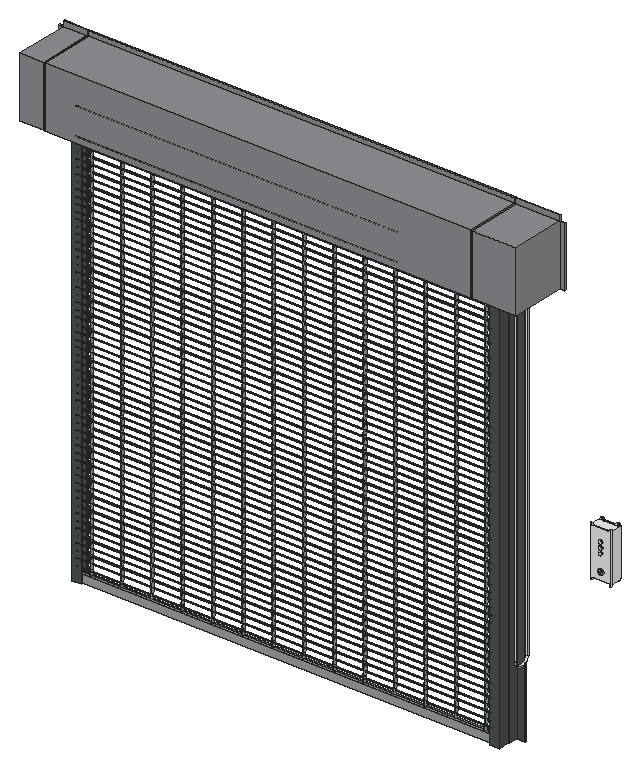
Revit family "EverServe-Springless-Security-Grilles_OHD_Model-671S_compact", category Specialty Equipment, host Wall, Revit 2023
Family settings
  Host = Wall
  Round Connector Dimension = Use Diameter
  Part Type = Normal
  OmniClass Number = 23.30.10.21.34
  OmniClass Title = Industrial Doors
  Enable Cutting in Views = No
  Always vertical = Yes
  Cut with Voids When Loaded = Yes
  Maintain Annotation Orientation = No
  Shared = No
  Room Calculation Point = No
Parameters (values of type "208 volts, one phase, 60 Hz (208-240V range)")
  Warning Sign [instance] = if(Calculated Area > 683.00 SF, 1 = 1, 1 = 2)  # no
  Warning (Note) [instance] = if(Warning Sign, "The Door Area is out of the limit; please adjust accordingly. The maximum allowed area is 683 sq. ft.", if(Opening Height > 360", "Headroom Clearance Dimensions - out of the limits. Consult Factory", " "))  # " "
  Wall Thickness [instance] = 6"
  Voltage = 208 V
  Version = "1.00.01"  # constant formula
  True Opening Width [instance] = Clear Width  # 120"
  True Opening Height [instance] = Clear Height  # 120"
  Default Elevation = 0"
  Date Updated = "2026/05/29"  # constant formula
  Curtain Option [instance] = 1
  Slat Length [instance] = Clear Width + G Value * 2 - 1" / 2 * 2  # 126"
  Slat Height [instance] = 8"  # constant formula
  Curtain Option Real [instance] = if(Curtain Option < 2, 1, 2)  # 1
  Product Page URL = "https://www.overheaddoor.com/springless-security-grilles-671s"
  Power Factor = 1
  Powder Coat (Note) = "PowderGuard® Premium powder coat finish options are available in approximately 200 colors as well as custom matching to specification. PowderGuard® Textured finish, a thicker, more scratch resistant coat, is available in 11 colors providing enhanced scratch resistance as well as aiding in hiding the dirt and blemishes that often occur in commercial environments.​"  # constant formula
  Opening Width Real [instance] = if(Opening Width > Max Opening Width, Max Opening Width, if(Opening Width < Min Opening Width, Min Opening Width, Opening Width))  # 120"
  Opening Width [instance] = 120"
  Opening Height Real [instance] = if(Opening Height > Max Opening Height, Max Opening Height, if(Opening Height < Min Opening Height, Min Opening Height, Opening Height))  # 120"
  Opening Height [instance] = 120"
  One Array element [instance] = not(Array Vis)  # no
  Number of Poles = 1
  Motor Position [instance] = M Value - G Value  # 2 3/4"
  Min Opening Width [instance] = 18"  # constant formula
  Min Opening Height [instance] = 24"  # constant formula
  Max Opening Width [instance] = 360"  # constant formula
  Max Opening Height [instance] = 172"  # constant formula
  M Value [instance] = if(or(Opening Width < 108", Opening Width = 108"), 5 3/4", if(or(Opening Width < 180", Opening Width = 180"), 6 1/4", if(or(Opening Width < 240", Opening Width = 240"), 7 1/4", 9 1/4")))  # 6 1/4"
  Installation Real [instance] = Wall Thickness  # 6"
  Hood Type [instance] = "Square Hood"  # constant formula
  Hood Offset [instance] = 4"  # constant formula
  Hood Material [instance] = Metal - Overhead Door - Gray
  Hood Height [instance] = A Value + 2"  # 18"
  Headroom Height Real [instance] = Hood Offset + Hood Height  # 22"
  Headroom Height [instance] = Headroom Height Real + 1 1/2"  # 23 1/2"
  Guide Type [instance] = "Angled Z Guide"  # constant formula
  Guid Depth [instance] = D Value  # 6 1/4"
  G Value [instance] = if(or(Opening Width < 108", Opening Width = 108"), 3", if(or(Opening Width < 180", Opening Width = 180"), 3 1/2", if(or(Opening Width < 240", Opening Width = 240"), 4", 5 9/16")))  # 3 1/2"
  Frequency = 60 Hz
  Face of Wall Offset [instance] = 5"  # constant formula
  Door Width True [instance] = Clear Width + M Value * 2  # 132 1/2"
  Door Width (Real) [instance] = Clear Width + 1"  # 121"
  Door Height True [instance] = Clear Width + Headroom Height  # 143 1/2"
  Door Height (Real) [instance] = Clear Height + Hood Offset  # 124"
  URL = "https://www.overheaddoor.com/"
  Product data url = "https://www.bimobject.com/overhead-door/product/springless-security-grilles-671s"
  Product Guid = "0afe8b5e-bed1-4084-885f-62fec23f1598"
  Model = "671S"  # constant formula
  Manufacturer = "Overhead Door Corporation"  # constant formula
  Wall Closure = By host
  Floor To (CL) of Shaft [instance] = Clear Height + Hood Height / 2 + Hood Offset  # 133"
  Finish Material = Finish - Overhead Door - Black
  Description = "Everserve Model 671S Springless Grille"  # constant formula
  D Value [instance] = if(or(Opening Width < 108", Opening Width = 108"), 5 11/16", if(or(Opening Width < 180", Opening Width = 180"), 6 1/4", if(or(Opening Width < 240", Opening Width = 240"), 6 3/16", 7 1/16")))  # 6 1/4"
  Curtain Type [instance] = if(Curtain Option < 2, "Lattice", "Brick")  # "Lattice"
  Curtain Material Type [instance] = 671S : Aluminum
  Curtain Material 2 [instance] = 671S : Stainless Steel
  Curtain Material 1 [instance] = 671S : Aluminum
  Clear Width [instance] = Opening Width Real  # 120"
  Clear Height [instance] = Opening Height Real  # 120"
  Current = 20 A
  Bottom Bar Selection [instance] = if(Curtain Material Type = Curtain Material 1, 1, 2)  # 1
  BimObject_Variable_Connectors = "No"  # constant formula
  Backroom Depth [instance] = A Value + 1/2"  # 16 1/2"
  BJ Displacement Real [instance] = 0"  # constant formula
  Array Vis [instance] = if(Array < 2, 1 = 2, 1 = 1)  # yes
  Array Real [instance] = if(Array < 2, 2, Array)  # 16
  Array Length [instance] = (Array) * Slat Height  # 128"
  Array [instance] = rounddown(([Door Height (Real)] - 3") / Slat Height) + 1  # 16
  Calculated Area [instance] = [Door Width (Real)] * [Door Height (Real)]  # 104.194 SF
  Apparent Load Phase 3 = if(Number of Poles = 1, 0 VA, (Voltage * Current * sqrt(3)) / 3)  # 0 VA
  Apparent Load Phase 2 = if(Number of Poles = 1, 0 VA, (Voltage * Current * sqrt(3)) / 3)  # 0 VA
  Apparent Load Phase 1 = if(Number of Poles = 1, Voltage * Current, (Voltage * Current * sqrt(3)) / 3)  # 4160 VA
  A Value [instance] = if(or(Clear Height < 72", Clear Height = 72"), 14", if(or(Clear Height < 120", Clear Height = 120"), 16", 18"))  # 16"
Reference planes (in)
  plane 1 "Center (Front/Back)": y = -14.625
  plane 2 "Center (Left/Right)": x = 0
  plane 3 "Left": x = -60
  plane 4 "Right": x = 60
  plane 5 "Exterior": y = -8.625
  plane 6 "Interior": y = -14.625
  plane 7: x = 66.25
  plane 8: x = -66.25
  plane 9: z = 120
  plane 10 "Main": y = -20.125
  plane 11 "Backroom Depth": y = -32.125
  plane 12 "Main Door Block": y = -15.625
  plane 13 "Bottom Bar": z = 2.75
  plane 14: y = -20.875
  plane 15: z = 130.75
  plane 16: z = 142
  plane 17: z = 124
  plane 18: z = 143.5
  plane 19: z = 0
  plane 20: z = 60
  plane 21: y = -20.03125
  plane 22: y = 18.375
  plane 23: y = -41.625
  plane 24 "Headroom Top": z = 143.5
  plane 25: z = 133
  plane 26: x = 63.5
  plane 27: x = -63.5
  plane 28: z = 122.75
  plane 29: z = 2.75
  plane 30: y = -20.125
  plane 31: z = 122.75
  plane 32: y = -20.125
  plane 33: z = 10.75
  plane 34: y = -20.125
  plane 35: z = 18.75
  plane 36: y = -20.125
  plane 37: z = 26.75
  plane 38: y = -20.125
  plane 39: z = 34.75
  plane 40: y = -20.125
  plane 41: z = 42.75
  plane 42: y = -20.125
  plane 43: z = 50.75
  plane 44: y = -20.125
  plane 45: z = 58.75
  plane 46: y = -20.125
  plane 47: z = 66.75
  plane 48: y = -20.125
  plane 49: z = 74.75
  plane 50: y = -20.125
  plane 51: z = 82.75
  plane 52: y = -20.125
  plane 53: z = 90.75
  plane 54: y = -20.125
  plane 55: z = 98.75
  plane 56: y = -20.125
  plane 57: z = 106.75
  plane 58: y = -20.125
  plane 59: z = 114.75
  plane 60: y = -20.125
Forms (in)
  Extrusion 1, void
    sketch origin (0, -15.625, 0) x (0, 0, -1) y (-1, 0, 0)
      loop
        line (-120, 60) -> (-120, -60) -> (0, -60) -> (0, 60) -> (-120, 60)
    from 1 to 7
Text (in)
  text "Exterior" at (-74.96733, 27.31104, 0), in view "Ref. Level"
  text "Interior" at (-74.96733, -25.14366, 0), in view "Ref. Level"
  text "Exterior" at (0, 40.15149, 123.01588), in view "Right"
  text "Interior" at (0, -64.39139, 123.01588), in view "Right"
  text "Interior" at (0, -31.01599, 123.00693), in view "Left"
  text "Exterior" at (0, 54.57065, 123.00693), in view "Left"
Dimensions and locks (in)
  equal spacing: plane 3 "Left", plane 2 "Center (Left/Right)", plane 4 "Right"
  "Clear Width": plane 3 "Left" to plane 4 "Right"
  level to host wall = 459.59655"
  "Clear Height": level to plane 9
  plane 7 to plane 8 = 132 1/2"
  equal spacing: plane 7, plane 2 "Center (Left/Right)", plane 8
  locked: plane 13 "Bottom Bar" to level at 2.75
  "Door Width True": plane 7 to plane 8
  "Array Length": plane 15 to plane 13 "Bottom Bar"
  "Backroom Depth": plane 11 "Backroom Depth" to plane 12 "Main Door Block"
  "Hood Height": plane 16 to plane 17
  locked: plane 18 to plane 16 at 1.5
  "Installation Real": plane 1 "Center (Front/Back)" to plane 5 "Exterior"
  "Wall Thickness": host wall to host wall
  equal spacing: plane 9, plane 20, plane 19
  equal spacing: plane 22, host wall, plane 23
  locked: plane 22 to plane 23 at 60
  "Hood Offset": plane 17 to plane 9
  "Headroom Height": plane 24 "Headroom Top" to plane 9
  "Floor To (CL) of Shaft": plane 25 to level
  "Motor Position": plane 7 to plane 26
  "Motor Position": plane 27 to plane 8
  "Guid Depth": plane 14 to plane 1 "Center (Front/Back)"
  "Slat Height": plane 15 to plane 28
  equal spacing: group 2, group 16, group 15, group 14, group 13, group 12, group 11, group 10, group 9, group 8, group 7, group 6, group 5, group 4, group 3, group 1  (x2)
  equal spacing: group 1, group 3, group 4, group 5, group 6, group 7, group 8, group 9, group 10, group 11, group 12, group 13, group 14, group 15, group 16, group 2
  locked: plane 14 to plane 10 "Main" at 0.75
  locked: plane 14 to plane 21 at 0.84375
  aligned and locked: plane 5 "Exterior" to host wall
  aligned and locked: host wall to plane 6 "Interior"
  aligned and locked: level to Extrusion 1 sketch curve
  aligned and locked: Extrusion 1 to plane 5 "Exterior"
  aligned and locked: plane 6 "Interior" to Extrusion 1
  aligned and locked: nested 1 to plane 2 "Center (Left/Right)"
  aligned and locked: nested 1 to level
  aligned and locked: level to plane 19
  aligned and locked: nested 1 to plane 1 "Center (Front/Back)"
  aligned and locked: plane 2 "Center (Left/Right)" to nested 2
  aligned and locked: nested 2 to plane 22
  aligned and locked: plane 23 to nested 3
  aligned and locked: nested 3 to plane 2 "Center (Left/Right)"
  aligned and locked: nested 4 to plane 20
  aligned and locked: plane 2 "Center (Left/Right)" to nested 4
  aligned and locked: nested 4 to plane 21
  aligned and locked: plane 4 "Right" to Extrusion 1 sketch curve
  aligned and locked: plane 3 "Left" to Extrusion 1 sketch curve
  aligned and locked: Extrusion 1 sketch curve to plane 9
  aligned and locked: plane 13 "Bottom Bar" to plane 29
  aligned and locked: plane 30 to plane 10 "Main"
  aligned and locked: plane 32 to plane 10 "Main"
  aligned and locked: plane 28 to plane 31
Nested families (in)
  nested 1: "Lifts" at (0, -14.625, 0), type "Frame Unit"
    with Square Hood yes, Round Hood no, Right Motor Position yes, Octagon Hood no, No Hood no
  nested 2: "Label Annotation 1" at (0, 18.375, 0), visible <- "Warning Sign", type "Label Annotation 1"
  nested 3: "Label Annotation 1" at (0, -41.625, 0) x (-1, 0, 0) z (0, 0, 1), visible <- "Warning Sign", type "Label Annotation 1"
  nested 4: "Warning Sign" at (0, -20.03125, 60), visible <- "Warning Sign", type "Warning Sign"
    with Warning Sign no
  nested 5: "671S" at (0, -20.125, 2.75), type <- "Curtain Material Type", Opening Width <- "Slat Length", Slat Option <- "Curtain Option Real", type "Aluminum"
    with Step H 9", Slat Option 1, SetBack 2", Second Rod Position 1.38", Overall Height 8.38", Opening Width 126", Lattice yes, First Rod Position 1", Brick End yes, Brick no, Array Visibility yes, Array Real 13, Array Length 117.16", Array 13, 1 Element Visibility no
  nested 6: "671S" at (0, -20.125, 122.75), type <- "Curtain Material Type", Opening Width <- "Slat Length", Slat Option <- "Curtain Option Real", type "Aluminum"
    with Step H 9", Slat Option 1, SetBack 2", Second Rod Position 1.38", Overall Height 8.38", Opening Width 126", Lattice yes, First Rod Position 1", Brick End yes, Brick no, Array Visibility yes, Array Real 13, Array Length 117.16", Array 13, 1 Element Visibility no
  nested 7: "671S" at (0, -20.125, 10.75), type <- "Curtain Material Type", Opening Width <- "Slat Length", Slat Option <- "Curtain Option Real", type "Aluminum"
    with Step H 9", Slat Option 1, SetBack 2", Second Rod Position 1.38", Overall Height 8.38", Opening Width 126", Lattice yes, First Rod Position 1", Brick End yes, Brick no, Array Visibility yes, Array Real 13, Array Length 117.16", Array 13, 1 Element Visibility no
  nested 8: "671S" at (0, -20.125, 18.75), type <- "Curtain Material Type", Opening Width <- "Slat Length", Slat Option <- "Curtain Option Real", type "Aluminum"
    with Step H 9", Slat Option 1, SetBack 2", Second Rod Position 1.38", Overall Height 8.38", Opening Width 126", Lattice yes, First Rod Position 1", Brick End yes, Brick no, Array Visibility yes, Array Real 13, Array Length 117.16", Array 13, 1 Element Visibility no
  nested 9: "671S" at (0, -20.125, 26.75), type <- "Curtain Material Type", Opening Width <- "Slat Length", Slat Option <- "Curtain Option Real", type "Aluminum"
    with Step H 9", Slat Option 1, SetBack 2", Second Rod Position 1.38", Overall Height 8.38", Opening Width 126", Lattice yes, First Rod Position 1", Brick End yes, Brick no, Array Visibility yes, Array Real 13, Array Length 117.16", Array 13, 1 Element Visibility no
  nested 10: "671S" at (0, -20.125, 34.75), type <- "Curtain Material Type", Opening Width <- "Slat Length", Slat Option <- "Curtain Option Real", type "Aluminum"
    with Step H 9", Slat Option 1, SetBack 2", Second Rod Position 1.38", Overall Height 8.38", Opening Width 126", Lattice yes, First Rod Position 1", Brick End yes, Brick no, Array Visibility yes, Array Real 13, Array Length 117.16", Array 13, 1 Element Visibility no
  nested 11: "671S" at (0, -20.125, 42.75), type <- "Curtain Material Type", Opening Width <- "Slat Length", Slat Option <- "Curtain Option Real", type "Aluminum"
    with Step H 9", Slat Option 1, SetBack 2", Second Rod Position 1.38", Overall Height 8.38", Opening Width 126", Lattice yes, First Rod Position 1", Brick End yes, Brick no, Array Visibility yes, Array Real 13, Array Length 117.16", Array 13, 1 Element Visibility no
  nested 12: "671S" at (0, -20.125, 50.75), type <- "Curtain Material Type", Opening Width <- "Slat Length", Slat Option <- "Curtain Option Real", type "Aluminum"
    with Step H 9", Slat Option 1, SetBack 2", Second Rod Position 1.38", Overall Height 8.38", Opening Width 126", Lattice yes, First Rod Position 1", Brick End yes, Brick no, Array Visibility yes, Array Real 13, Array Length 117.16", Array 13, 1 Element Visibility no
  nested 13: "671S" at (0, -20.125, 58.75), type <- "Curtain Material Type", Opening Width <- "Slat Length", Slat Option <- "Curtain Option Real", type "Aluminum"
    with Step H 9", Slat Option 1, SetBack 2", Second Rod Position 1.38", Overall Height 8.38", Opening Width 126", Lattice yes, First Rod Position 1", Brick End yes, Brick no, Array Visibility yes, Array Real 13, Array Length 117.16", Array 13, 1 Element Visibility no
  nested 14: "671S" at (0, -20.125, 66.75), type <- "Curtain Material Type", Opening Width <- "Slat Length", Slat Option <- "Curtain Option Real", type "Aluminum"
    with Step H 9", Slat Option 1, SetBack 2", Second Rod Position 1.38", Overall Height 8.38", Opening Width 126", Lattice yes, First Rod Position 1", Brick End yes, Brick no, Array Visibility yes, Array Real 13, Array Length 117.16", Array 13, 1 Element Visibility no
  nested 15: "671S" at (0, -20.125, 74.75), type <- "Curtain Material Type", Opening Width <- "Slat Length", Slat Option <- "Curtain Option Real", type "Aluminum"
    with Step H 9", Slat Option 1, SetBack 2", Second Rod Position 1.38", Overall Height 8.38", Opening Width 126", Lattice yes, First Rod Position 1", Brick End yes, Brick no, Array Visibility yes, Array Real 13, Array Length 117.16", Array 13, 1 Element Visibility no
  nested 16: "671S" at (0, -20.125, 82.75), type <- "Curtain Material Type", Opening Width <- "Slat Length", Slat Option <- "Curtain Option Real", type "Aluminum"
    with Step H 9", Slat Option 1, SetBack 2", Second Rod Position 1.38", Overall Height 8.38", Opening Width 126", Lattice yes, First Rod Position 1", Brick End yes, Brick no, Array Visibility yes, Array Real 13, Array Length 117.16", Array 13, 1 Element Visibility no
  nested 17: "671S" at (0, -20.125, 90.75), type <- "Curtain Material Type", Opening Width <- "Slat Length", Slat Option <- "Curtain Option Real", type "Aluminum"
    with Step H 9", Slat Option 1, SetBack 2", Second Rod Position 1.38", Overall Height 8.38", Opening Width 126", Lattice yes, First Rod Position 1", Brick End yes, Brick no, Array Visibility yes, Array Real 13, Array Length 117.16", Array 13, 1 Element Visibility no
  nested 18: "671S" at (0, -20.125, 98.75), type <- "Curtain Material Type", Opening Width <- "Slat Length", Slat Option <- "Curtain Option Real", type "Aluminum"
    with Step H 9", Slat Option 1, SetBack 2", Second Rod Position 1.38", Overall Height 8.38", Opening Width 126", Lattice yes, First Rod Position 1", Brick End yes, Brick no, Array Visibility yes, Array Real 13, Array Length 117.16", Array 13, 1 Element Visibility no
  nested 19: "671S" at (0, -20.125, 106.75), type <- "Curtain Material Type", Opening Width <- "Slat Length", Slat Option <- "Curtain Option Real", type "Aluminum"
    with Step H 9", Slat Option 1, SetBack 2", Second Rod Position 1.38", Overall Height 8.38", Opening Width 126", Lattice yes, First Rod Position 1", Brick End yes, Brick no, Array Visibility yes, Array Real 13, Array Length 117.16", Array 13, 1 Element Visibility no
  nested 20: "671S" at (0, -20.125, 114.75), type <- "Curtain Material Type", Opening Width <- "Slat Length", Slat Option <- "Curtain Option Real", type "Aluminum"
    with Step H 9", Slat Option 1, SetBack 2", Second Rod Position 1.38", Overall Height 8.38", Opening Width 126", Lattice yes, First Rod Position 1", Brick End yes, Brick no, Array Visibility yes, Array Real 13, Array Length 117.16", Array 13, 1 Element Visibility no
Connectors (in)
  electrical at (91.25, -17.915, 60), driven by "Apparent Load Phase 1", driven by "Apparent Load Phase 2", driven by "Apparent Load Phase 3", driven by "Power Factor", driven by "Voltage", driven by "Number of Poles"
    settings: on nested 1, index 1, voltage 208 V, apparent load 0 VA, apparent load phase1 4160 VA, apparent load phase2 0 VA, apparent load phase3 0 VA, power factor 1, load classification "Other", number of poles 1, system type 31, power factor state 1, is connector primary yes, connector utility no, sub classification motor no, connector description "Electrical Connector"
Definition of nested family "Lifts"
  Parameters (values of type "Frame Unit")
    True Width = if(Between Jambs, Opening Width, Opening Width + 1/2")  # 120 1/2"
    Square Hood [instance] = if(Hood Option = 2, 1 = 1, 1 = 2)  # yes
    Slat Material2 = none
    Slat Material1 = none
    Slat 2 = not(Slat 1)  # no
    Slat 1 = BB V = 1  # yes
    Round Hood [instance] = if(Hood Option > 3, 1 = 1, 1 = 2)  # no
    Rough Width = 0"
    Rough Height = 0"
    Right Motor Position [instance] = yes
    Octagon Hood [instance] = if(Hood Option = 3, 1 = 1, 1 = 2)  # no
    No Hood [instance] = if(Hood Option < 2, 1 = 1, 1 = 2)  # no
    M Value = 6 1/4"
    Hood Type = if(Hood Option < 2, "No Hood", if(Hood Option = 2, "Square Hood", if(Hood Option = 3, "Octagon Hood", "Round Hood")))  # "Square Hood"
    Hood Option = 2
    Hood Offset = 4"
    Hood Height = Headroom Height Real - Hood Offset  # 18"
    Headroom Height Real = Headroom Height  # 22"
    Half Hood Height = Headroom Height - Hood Offset  # 18"
    G Value = 3 1/2"
    E Guide Width = if(Between Jambs, Guide Offset - G Value + BJ Connection Length - BJ Displacement * 2 / 3, 3")  # 3"
    E Guide Height = 3"  # constant formula
    Z Guide = 1 = 1  # yes
    Shaft Offset = if(Hood Height < Header Width, (Header Width - (Header Width - Hood Height)) / 2, Header Width / 2)  # 8 1/4"
    Shaft Length 2 = 18"  # constant formula
    Shaft Length 1 = 12"  # constant formula
    Setback = if(Between Jambs, 0", 1/2")  # 1/2"
    Opening Width = 120"
    Hood Material = none
    Headroom Height = 22"
    Header Width = 16 1/2"
    Opening Height = 120"
    Guide Type = if(Between Jambs, "Angled Between Jambs Z Guide", if(Guide Option > 1, "Angled Z Guide", "Angled E Guide"))  # "Angled Z Guide"
    Guide Option = if(Between Jambs, 1, 2)  # 2
    Guide Offset = BJ Displacement + G Value  # 3 1/2"
    Guide Z Wide = if(Between Jambs, Guide Offset - G Value + BJ Connection Length - BJ Displacement * 2 / 3, M Value - G Value)  # 2 3/4"
    Guide Z Height = 3"  # constant formula
    Floor To (CL) of Shaft = 133"
    Finish Material = none
    Face to Wall Mount = not(Between Jambs)  # yes
    E Guide = if(Between Jambs, 1 = 1, 1 = 2)  # no
    Default Elevation = 0"
    D Value = 6 1/4"
    Chain offset = if(Opening Height < 35", Opening Height - 5", 30")  # 30"
    Between Jambs = no
    BJ Position = if(Between Jambs, 1/4", 0")  # 0"
    BJ Displacement = 0"
    BJ Connection Length = 1 / 3 * BJ Displacement  # 0"
    BB V = 1
    Angled Guide = 1 = 1  # yes
    Additional Elements Material = none
    1 = 14.57"  # constant formula
  Reference planes (in)
    plane 1 "Center (Front/Back)": y = 0
    plane 2: z = 0
    plane 3 "Center (Left/Right)": x = 0
    plane 4 "Opening Height": z = 120
    plane 5: x = -72
    plane 6: x = 78
    plane 7: z = 142
    plane 8: y = 16.5
    plane 9 "Real Opening 2": x = -60
    plane 10 "Real Opening 1": x = 60
    plane 11: z = 124
    plane 12 "Main": y = 0
    plane 13: z = 133
    plane 14: x = 63.5
    plane 15: x = -63.5
    plane 16: x = -63.5
    plane 17: x = 63.5
    plane 18: y = 6.25
    plane 19: x = -63.25
    plane 20: x = 63.25
    plane 21: z = 143.5
    plane 22: y = 6.25
    plane 23: y = 5.125
    plane 24: y = 6.25
    plane 25: y = 5.125
    plane 26: y = 0.25
    plane 27: z = 124
    plane 28: z = 30
    plane 29: z = 0
    plane 30: x = 74
    plane 31: x = 91.25
    plane 32: z = 60
    plane 33: x = 88.2
    plane 34: x = 94.3
    plane 35: y = 3.54
    plane 36: x = 76.25
    plane 37: x = -70.25
    plane 38: y = 6.25
    plane 39: y = 5.125
    plane 40: y = 6.25
    plane 41: y = 5.125
  Forms (in)
    Extrusion 1, solid, material <- "Slat Material1", visible <- "Slat 1"
      sketch origin (0, 0, 0) x (0, 1, 0) y (0, 0, 1)
        loop
          line (5.4375, 2.375) -> (5.4375, 2.75) -> (4.8125, 2.75) -> (4.8125, 2.375) -> (5.4375, 2.375)
      from -63.25 to 63.25
    Extrusion 2, solid, material <- "Slat Material1", visible <- "Slat 1"
      sketch origin (0, 0, 0) x (0, 1, 0) y (0, 0, 1)
        loop
          line (5.4375, 2.375) -> (4.8125, 2.375) -> (4.8125, 0) -> (5.4375, 0) -> (5.4375, 2.375)
      from -63.25 to 63.25
    Extrusion 3, solid, material <- "Additional Elements Material"
      sketch origin (0, -5.35201, 0) x (0, 1, 0) y (0, 0, 1)
        loop
          circle (13.60201, 133) r 0.6
      from -70.25 to 76.25
    Extrusion 4, solid, material <- "Hood Material", visible <- "Square Hood"
      sketch origin (0, 0, 0) x (0, 1, 0) y (0, 0, 1)
        loop
          line (0, 124) -> (16.5, 124) -> (16.5, 143.5) -> (0, 143.5) -> (0, 124)
      from -63.25 to 63.25
    Extrusion 5, solid, material <- "Finish Material", visible <- "E Guide"
      sketch origin (0, 0, 0) x (1, 0, 0) y (0, 1, 0)
        loop
          line (60.5, 0) -> (63.5, 0) -> (63.5, 3) -> (63.4375, 3)
          arc (63.4375, 3) -> (63.30492, 2.94508) -> (63.25, 2.8125) r 0.1875
          line (63.25, 2.8125) -> (63.25, 0.25) -> (60.6875, 0.25)
          arc (60.6875, 0.25) -> (60.55492, 0.19508) -> (60.5, 0.0625) r 0.1875
          line (60.5, 0.0625) -> (60.5, 0)
        loop
          line (-60.5, 0) -> (-60.5, 0.0625)
          arc (-60.5, 0.0625) -> (-60.55492, 0.19508) -> (-60.6875, 0.25) r 0.1875
          line (-60.6875, 0.25) -> (-63.25, 0.25) -> (-63.25, 2.8125)
          arc (-63.25, 2.8125) -> (-63.30492, 2.94508) -> (-63.4375, 3) r 0.1875
          line (-63.4375, 3) -> (-63.5, 3) -> (-63.5, 0) -> (-60.5, 0)
      from 0 to 124
    Extrusion 6, solid, material <- "Finish Material", visible <- "Z Guide"
      sketch origin (0, 0, 0) x (1, 0, 0) y (0, 1, 0)
        loop
          line (66.25, 0) -> (66.25, 0.062)
          arc (66.25, 0.062) -> (66.19494, 0.19494) -> (66.062, 0.25) r 0.188
          line (66.062, 0.25) -> (63.75, 0.25) -> (63.75, 2.812)
          arc (63.75, 2.812) -> (63.69494, 2.94494) -> (63.562, 3) r 0.188
          line (63.562, 3) -> (63.5, 3) -> (63.5, 0) -> (66.25, 0)
        loop
          line (-66.25, 0) -> (-63.5, 0) -> (-63.5, 3) -> (-63.562, 3)
          arc (-63.562, 3) -> (-63.69494, 2.94494) -> (-63.75, 2.812) r 0.188
          line (-63.75, 2.812) -> (-63.75, 0.25) -> (-66.062, 0.25)
          arc (-66.062, 0.25) -> (-66.19494, 0.19494) -> (-66.25, 0.062) r 0.188
          line (-66.25, 0.062) -> (-66.25, 0)
      from 0 to 124
    Extrusion 7, solid, material <- "Finish Material", visible <- "Angled Guide"
      sketch origin (0, 0, 0) x (1, 0, 0) y (0, 1, 0)
        loop
          line (60.5, 6.25) -> (60.5, 6.187)
          arc (60.5, 6.187) -> (60.55477, 6.05477) -> (60.687, 6) r 0.187
          line (60.687, 6) -> (63.25, 6) -> (63.25, 4.25) -> (60.5, 4.25) -> (60.5, 4.187)
          arc (60.5, 4.187) -> (60.55477, 4.05477) -> (60.687, 4) r 0.187
          line (60.687, 4) -> (63, 4) -> (63, 2.3125) -> (63.25, 2.3125) -> (63.25, 2) -> (63.5, 2) -> (63.5, 6.25) -> (60.5, 6.25)
        loop
          line (-60.5, 6.25) -> (-63.5, 6.25) -> (-63.5, 2) -> (-63.25, 2) -> (-63.25, 2.3125) -> (-63, 2.3125) -> (-63, 4) -> (-60.687, 4)
          arc (-60.687, 4) -> (-60.55477, 4.05477) -> (-60.5, 4.187) r 0.187
          line (-60.5, 4.187) -> (-60.5, 4.25) -> (-63.25, 4.25) -> (-63.25, 6) -> (-60.687, 6)
          arc (-60.687, 6) -> (-60.55477, 6.05477) -> (-60.5, 6.187) r 0.187
          line (-60.5, 6.187) -> (-60.5, 6.25)
      from 0 to 124
    Extrusion 8, solid, material <- "Hood Material"
      sketch origin (0, 0, 0) x (-1, 0, 0) y (0, 0, 1)
        loop
          line (63.25, 124) -> (63.5, 124) -> (63.5, 142) -> (63.25, 142) -> (63.25, 124)
        loop
          line (-63.5, 124) -> (-63.25, 124) -> (-63.25, 142) -> (-63.5, 142) -> (-63.5, 124)
      from 0 to 16.5
    Extrusion 9, solid, material <- "Hood Material"
      sketch origin (0, 0, 0) x (1, 0, 0) y (0, 1, 0)
        loop
          line (-72, 0) -> (-63.5, 0) -> (-63.5, 16.5) -> (-72, 16.5) -> (-72, 0)
        loop
          line (78, 0) -> (78, 16.5) -> (63.5, 16.5) -> (63.5, 0) -> (78, 0)
      from 124 to 143.5
    Extrusion 10, void
      sketch origin (0, 0, 0) x (1, 0, 0) y (0, 0, 1)
        loop
          line (-72, 143.5) -> (-72, 124) -> (-70.5, 124) -> (-70.5, 142) -> (76.5, 142) -> (76.5, 120) -> (78, 120) -> (78, 143.5) -> (-72, 143.5)
      from -0.25 to -16.5
    Extrusion 11, void
      sketch origin (0, 0, 0) x (1, 0, 0) y (0, 0, 1)
        loop
          line (-72, 142) -> (-70.5, 142) -> (-70.5, 143.5) -> (-72, 143.5) -> (-72, 142)
        loop
          line (78, 142) -> (78, 143.5) -> (76.5, 143.5) -> (76.5, 142) -> (78, 142)
      from 0 to -0.25
    Sweep 12, solid, material <- "Additional Elements Material"
      path origin (74, -12.75, 1000) x (0, -1, 0) y (0, 0, 1)
        loop
          line (-26.53866, -876) -> (-26.53866, -970)
          arc (-26.53866, -970) -> (-24.10116, -972.4375) -> (-21.66366, -970) r 2.4375
          line (-21.66366, -970) -> (-21.66366, -876)
      profile origin (74, 13.78866, 77) x (-1, 0, 0) y (0, -1, 0)
        loop
          circle (0, 0.2675) r 0.2675
    Extrusion 13, solid, material <- "Additional Elements Material"
      sketch origin (91.25, 0, 60) x (1, 0, 0) y (0, 0, 1)
        loop
          line (-3.05, 6.9501) -> (-3.05, -6.9501) -> (-2.68608, -7.50057)
          arc (-2.68608, -7.50057) -> (-2.29289, -7.67009) -> (-1.98022, -7.37757) r 0.3909
          arc (-1.98022, -7.37757) -> (-1.82768, -7.14063) -> (-1.56135, -7.04853) r 0.43113
          line (-1.56135, -7.04853) -> (1.56135, -7.04853)
          arc (1.56135, -7.04853) -> (1.82768, -7.14063) -> (1.98022, -7.37757) r 0.43113
          arc (1.98022, -7.37757) -> (2.29289, -7.67009) -> (2.68608, -7.50057) r 0.3909
          line (2.68608, -7.50057) -> (3.05, -6.9501) -> (3.05, 6.9501) -> (2.68608, 7.50057)
          arc (2.68608, 7.50057) -> (2.29289, 7.67009) -> (1.98022, 7.37757) r 0.3909
          arc (1.98022, 7.37757) -> (1.82768, 7.14063) -> (1.56135, 7.04853) r 0.43113
          line (1.56135, 7.04853) -> (-1.56135, 7.04853)
          arc (-1.56135, 7.04853) -> (-1.82768, 7.14063) -> (-1.98022, 7.37757) r 0.43113
          arc (-1.98022, 7.37757) -> (-2.29289, 7.67009) -> (-2.68608, 7.50057) r 0.3909
          line (-2.68608, 7.50057) -> (-3.05, 6.9501)
      from 0 to -3.29
    Extrusion 14, solid, material <- "Additional Elements Material"
      sketch origin (91.25, 0, 60) x (1, 0, 0) y (0, 0, 1)
        loop
          line (3.05, -7.50057) -> (3.05, 7.50057) -> (2.68608, 7.50057) -> (2.68608, 6.9501) -> (-2.68608, 6.9501) -> (-2.68608, 7.50057) -> (-3.05, 7.50057) -> (-3.05, -7.50057) -> (-2.68608, -7.50057) -> (-2.68608, -6.9501) -> (2.68608, -6.9501) -> (2.68608, -7.50057) -> (3.05, -7.50057)
      from -3.54 to -3.29
    Extrusion 15, void
      sketch origin (100.25, 0, 60) x (0, -1, 0) y (0, 0, -1)
        loop
          line (-3.29, -7.6759) -> (-0.25, -7.6759) -> (-0.25, -6.9501) -> (-3.29, -6.9501) -> (-3.29, -7.6759)
        loop
          line (-3.29, 7.6759) -> (-3.29, 6.9501) -> (-0.25, 6.9501) -> (-0.25, 7.6759) -> (-3.29, 7.6759)
      from -12.05 to -5.95
    Extrusion 16, solid, material <- "Additional Elements Material"
      sketch origin (91.25, 0, 60) x (1, 0, 0) y (0, 0, 1)
        loop
          circle (0, -4.5) r 0.75
        loop
          circle (0, 3.35363) r 0.5
        loop
          circle (0, 1.85363) r 0.5
        loop
          circle (0, 0.35363) r 0.5
      from -3.54 to -3.66
    Extrusion 17, solid, material <- "Additional Elements Material"
      sketch origin (91.25, 0, 59.5) x (1, 0, 0) y (0, 0, 1)
        loop
          line (-0.6134, -3.85528) -> (-0.6134, -4.14472) -> (1.1366, -4.14472) -> (1.1366, -3.85528) -> (-0.6134, -3.85528)
      from -3.66 to -4.03743
    Extrusion 18, solid, material <- "Slat Material2", visible <- "Slat 2"
      sketch origin (0, 3.11593, 0) x (0, 1, 0) y (0, 0, 1)
        loop
          line (2.32157, 2.375) -> (2.32157, 2.75) -> (1.69657, 2.75) -> (1.69657, 2.375) -> (2.32157, 2.375)
      from -63.25 to 63.25
    Extrusion 19, solid, material <- "Slat Material2", visible <- "Slat 2"
      sketch origin (0, 3.11593, 0) x (0, 1, 0) y (0, 0, 1)
        loop
          line (2.32157, 2.375) -> (1.69657, 2.375) -> (1.69657, 0) -> (2.32157, 0) -> (2.32157, 2.375)
      from -63.25 to 63.25
  Cuts and joins
    Extrusion 10, Extrusion 11 cuts Extrusion 9
    Extrusion 10 cuts Extrusion 4
    Extrusion 15 cuts Extrusion 13
  Lines and regions (in)
    Masking region 1
      outline origin (0, 0, 0) x (1, 0, 0) y (0, 1, 0)
        loop
          line (-63.5, 16.5) -> (-63.5, 0) -> (63.5, 0) -> (63.5, 16.5) -> (-63.5, 16.5)
    Masking region 2
      outline origin (0, 0, 0) x (1, 0, 0) y (0, 1, 0)
        loop
          line (63.5, 0) -> (78, 0) -> (78, 0.25) -> (76.5, 0.25) -> (76.5, 16.5) -> (63.5, 16.5) -> (63.5, 0)
        loop
          line (-63.5, 0) -> (-63.5, 16.5) -> (-70.5, 16.5) -> (-70.5, 0.25) -> (-72, 0.25) -> (-72, 0) -> (-63.5, 0)
    Masking region 3
      outline origin (0, 0, 0) x (1, 0, 0) y (0, 1, 0)
        loop
          line (88.2, 3.54) -> (88.2, 0) -> (94.3, 0) -> (94.3, 3.54) -> (88.2, 3.54)
    Masking region 4
      outline origin (91.25, 0, 60) x (0, -1, 0) y (1, 0, 0)
        loop
          line (-3.54, -0.75) -> (-3.54, 0.75) -> (-3.66, 0.75) -> (-3.66, 1.1366) -> (-4.03743, 1.1366) -> (-4.03743, -0.6134) -> (-3.66, -0.6134) -> (-3.66, -0.75) -> (-3.54, -0.75)
    symbolic lines
      curve 1: line (-63.25, 0, 0) -> (-63.25, 16.5, 0)
      curve 2: line (63.25, 16.5, 0) -> (63.25, 0, 0)
      curve 4: line (-72, 0.25, 0) -> (78, 0.25, 0)
      curve 6: line (88.2, 3.29, 0) -> (94.3, 3.29, 0)
      curve 7: line (88.2, 0.25, 0) -> (94.3, 0.25, 0)
      curve 8: line (90.5, 3.66, 60) -> (92.3866, 3.66, 60)
    symbolic lines, visible <- "Octagon Hood"
      curve 3: line (-63.25, 12.69239, 0) -> (63.25, 12.69239, 0)
    reference lines
      curve 5: line (91.25, 0, 60) -> (100.25, 0, 60)
  Dimensions and locks (in)
    Extrusion 1 sketch curve to level = 2 3/8"
    locked: Extrusion 1 sketch curve to Extrusion 1 sketch curve at 0.625
    locked: Extrusion 2 sketch curve to level at 2.375
    "Headroom Height Real": plane 7 to plane 4 "Opening Height"
    plane 8 to plane 1 "Center (Front/Back)" = 16 1/2"
    "Opening Height": plane 4 "Opening Height" to level
    "Hood Offset": plane 11 to plane 4 "Opening Height"
    "BJ Position": plane 12 "Main" to plane 1 "Center (Front/Back)"
    "Header Width": plane 12 "Main" to plane 8
    "Floor To (CL) of Shaft": plane 13 to level
    "Shaft Offset": Extrusion 3 sketch curve to plane 8
    locked: Extrusion 2 sketch curve to Extrusion 2 sketch curve at 0.625
    "Guide Offset": plane 10 "Real Opening 1" to plane 14
    "Guide Offset": plane 15 to plane 9 "Real Opening 2"
    locked: Extrusion 5 sketch curve to Extrusion 5 sketch curve at 0.25  (x4)
    "E Guide Height": Extrusion 5 sketch curve to Extrusion 5 sketch curve  (x2)
    "E Guide Width": Extrusion 5 sketch curve to Extrusion 5 sketch curve  (x2)
    locked: Extrusion 6 sketch curve to Extrusion 6 sketch curve at 0.25  (x4)
    "Guide Z Wide": Extrusion 6 sketch curve to Extrusion 6 sketch curve  (x2)
    "Guide Z Height": Extrusion 6 sketch curve to Extrusion 6 sketch curve  (x2)
    locked: Extrusion 7 sketch curve to Extrusion 7 sketch curve at 0.25  (x8)
    locked: Extrusion 7 sketch curve to Extrusion 7 sketch curve at 2.25  (x2)
    locked: Extrusion 7 sketch curve to Extrusion 7 sketch curve at 4.25  (x2)
    locked: Extrusion 7 sketch curve to Extrusion 7 sketch curve at 0.3125  (x2)
    "Setback": plane 10 "Real Opening 1" to Extrusion 7 sketch curve
    "Setback": Extrusion 7 sketch curve to plane 9 "Real Opening 2"
    equal spacing: plane 15, plane 3 "Center (Left/Right)", plane 14
    "G Value": Extrusion 6 sketch curve to plane 9 "Real Opening 2"
    "G Value": plane 10 "Real Opening 1" to Extrusion 6 sketch curve
    "G Value": plane 10 "Real Opening 1" to plane 17
    "G Value": plane 16 to plane 9 "Real Opening 2"
    "Shaft Length 1": plane 5 to plane 9 "Real Opening 2"
    "Shaft Length 2": plane 6 to plane 10 "Real Opening 1"
    locked: Extrusion 2 to plane 17 at 0.25
    locked: Extrusion 2 to plane 16 at 0.25
    locked: plane 16 to plane 19 at 0.25
    locked: plane 20 to plane 17 at 0.25
    equal spacing: plane 9 "Real Opening 2", plane 3 "Center (Left/Right)", plane 10 "Real Opening 1"
    "Opening Width": plane 9 "Real Opening 2" to plane 10 "Real Opening 1"
    locked: plane 21 to plane 7 at 1.5
    "D Value": plane 1 "Center (Front/Back)" to plane 18
    "D Value": plane 22 to plane 1 "Center (Front/Back)"
    locked: plane 22 to plane 23 at 1.125
    equal spacing: Extrusion 1 sketch curve, plane 23, Extrusion 1 sketch curve
    "D Value": plane 24 to plane 1 "Center (Front/Back)"
    locked: plane 24 to plane 25 at 1.125
    equal spacing: Extrusion 2 sketch curve, plane 25, Extrusion 2 sketch curve
    "G Value": plane 10 "Real Opening 1" to Extrusion 7 sketch curve
    "G Value": Extrusion 7 sketch curve to plane 9 "Real Opening 2"
    locked: Extrusion 10 sketch curve to Extrusion 10 sketch curve at 1.5  (x2)
    locked: plane 26 to plane 12 "Main" at 0.25
    locked: Extrusion 11 sketch curve to Extrusion 11 sketch curve at 1.5  (x2)
    "Chain offset": plane 28 to plane 29
    locked: plane 30 to plane 6 at 4
    locked: plane 20 to plane 31 at 28
    locked: plane 32 to level at 60
    locked: curve 5 to curve 5 at 9
    plane 1 "Center (Front/Back)" to plane 35 = 3.54"
    equal spacing: plane 33, plane 31, plane 34
    locked: plane 33 to plane 34 at 6.1
    locked: plane 5 to plane 37 at 1.75
    locked: plane 36 to plane 6 at 1.75
    locked: Extrusion 18 sketch curve to Extrusion 18 sketch curve at 0.625
    locked: Extrusion 19 sketch curve to Extrusion 19 sketch curve at 0.625
    locked: plane 38 to plane 39 at 1.125
    equal spacing: Extrusion 18 sketch curve, plane 39, Extrusion 18 sketch curve
    locked: plane 40 to plane 41 at 1.125
    equal spacing: Extrusion 19 sketch curve, plane 41, Extrusion 19 sketch curve
    locked: Extrusion 19 sketch curve to Extrusion 19 sketch curve at 2.375
    locked: Extrusion 18 sketch curve to Extrusion 18 sketch curve at 0.375
    locked: Extrusion 18 sketch curve to level at 2.375
    "D Value": plane 12 "Main" to plane 40
    "D Value": plane 12 "Main" to plane 38
    radius of Extrusion 5 sketch curve = 3/16"  (x4)
    radius of Extrusion 6 sketch curve = 0.188"  (x4)
    locked: Extrusion 7 sketch curve to Extrusion 7 sketch curve (radius 0.187")  (x4)
    aligned and locked: plane 2 to level
    aligned and locked: Extrusion 4 sketch curve to plane 8
    aligned and locked: plane 13 to Extrusion 3 sketch curve
    aligned and locked: plane 12 "Main" to Extrusion 5 sketch curve  (x2)
    aligned and locked: Extrusion 5 sketch curve to plane 14
    aligned and locked: plane 15 to Extrusion 5 sketch curve
    aligned and locked: Extrusion 6 sketch curve to plane 1 "Center (Front/Back)"  (x2)
    aligned and locked: Extrusion 7 sketch curve to Extrusion 7 sketch curve  (x4)
    aligned and locked: plane 18 to Extrusion 7 sketch curve
    aligned and locked: Extrusion 7 sketch curve to plane 18
    aligned and locked: plane 12 "Main" to Extrusion 4 sketch curve
    aligned and locked: Extrusion 8 sketch curve to plane 11  (x2)
    aligned and locked: Extrusion 8 sketch curve to plane 7  (x2)
    aligned and locked: plane 16 to Extrusion 8 sketch curve
    aligned and locked: Extrusion 8 sketch curve to plane 17
    aligned and locked: Masking region 1 sketch curve to Extrusion 4
    aligned and locked: Masking region 1 to curve 2  (x2)
    aligned and locked: Masking region 1 to curve 1  (x2)
    aligned and locked: Extrusion 2 to Extrusion 1
    aligned and locked: Extrusion 1 to Extrusion 2
    aligned and locked: Masking region 1 to plane 16
    aligned and locked: Masking region 1 to plane 17
    aligned and locked: plane 19 to Extrusion 8 sketch curve
    aligned and locked: plane 20 to Extrusion 8 sketch curve
    aligned and locked: plane 19 to Extrusion 4
    aligned and locked: Extrusion 4 to plane 20
    aligned and locked: plane 8 to Extrusion 8
    aligned and locked: plane 19 to curve 3
    aligned and locked: plane 20 to curve 3
    aligned and locked: Extrusion 4 sketch curve to plane 11
    aligned and locked: Extrusion 6 to plane 11
    aligned and locked: plane 11 to Extrusion 5
    aligned and locked: plane 11 to Extrusion 7
    aligned and locked: Extrusion 9 sketch curve to plane 5
    aligned and locked: plane 16 to Extrusion 9 sketch curve
    aligned and locked: plane 1 "Center (Front/Back)" to Extrusion 9 sketch curve
    aligned and locked: Extrusion 9 sketch curve to plane 8  (x2)
    aligned and locked: Extrusion 9 sketch curve to plane 6
    aligned and locked: Extrusion 9 sketch curve to plane 14
    aligned and locked: Extrusion 9 sketch curve to plane 1 "Center (Front/Back)"
    aligned and locked: Extrusion 9 to plane 11
    aligned and locked: Extrusion 9 to plane 21
    aligned and locked: Extrusion 10 sketch curve to plane 21
    aligned and locked: Extrusion 10 sketch curve to plane 7
    aligned and locked: Extrusion 10 sketch curve to plane 5
    aligned and locked: Extrusion 10 sketch curve to plane 6
    aligned and locked: Extrusion 10 sketch curve to plane 11
    aligned and locked: Extrusion 10 sketch curve to plane 4 "Opening Height"
    aligned and locked: Extrusion 10 to plane 8
    aligned and locked: Extrusion 10 to plane 26
    aligned and locked: Extrusion 4 sketch curve to plane 21
    aligned and locked: Extrusion 11 sketch curve to plane 5
    aligned and locked: Extrusion 11 sketch curve to plane 6
    aligned and locked: Extrusion 11 sketch curve to plane 7
    aligned and locked: Extrusion 11 sketch curve to plane 21
    aligned and locked: plane 21 to Extrusion 11 sketch curve
    aligned and locked: plane 7 to Extrusion 11 sketch curve
    aligned and locked: plane 26 to Extrusion 11
    aligned and locked: Extrusion 11 to plane 1 "Center (Front/Back)"
    aligned and locked: Masking region 2 sketch curve to plane 14
    aligned and locked: Masking region 2 sketch curve to cut or joined group of Extrusion 9, Extrusion 10, Extrusion 11  (x5)
    aligned and locked: cut or joined group of Extrusion 9, Extrusion 10, Extrusion 11 to Masking region 2 sketch curve
    aligned and locked: Masking region 2 sketch curve to plane 6
    aligned and locked: plane 16 to Masking region 2 sketch curve
    aligned and locked: Masking region 2 sketch curve to plane 26
    aligned and locked: Masking region 2 sketch curve to plane 5
    aligned and locked: plane 1 "Center (Front/Back)" to Masking region 2 sketch curve
    aligned and locked: curve 4 to plane 26
    aligned and locked: plane 5 to curve 4
    aligned and locked: plane 27 to Sweep 12 sketch curve  (x2)
    aligned and locked: plane 28 to Sweep 12 sketch curve  (x2)
    aligned and locked: plane 11 to plane 27
    aligned and locked: level to plane 29
    aligned and locked: plane 31 to curve 5
    aligned and locked: curve 5 to plane 32
    aligned and locked: Extrusion 3 to plane 36
    aligned and locked: plane 37 to Extrusion 3
    aligned and locked: plane 35 to Masking region 3
    aligned and locked: plane 1 "Center (Front/Back)" to Extrusion 13
    aligned and locked: Extrusion 13 sketch curve to plane 34
    aligned and locked: Extrusion 13 sketch curve to plane 33
    aligned and locked: plane 34 to Masking region 3 sketch curve
    aligned and locked: Masking region 3 sketch curve to plane 33
    aligned and locked: Masking region 3 sketch curve to plane 35
    aligned and locked: plane 33 to Extrusion 15
    aligned and locked: Extrusion 15 to plane 34
    aligned and locked: plane 33 to curve 6
    aligned and locked: plane 34 to curve 6
    aligned and locked: plane 33 to curve 7
    aligned and locked: plane 34 to curve 7
    aligned and locked: plane 19 to Extrusion 18
    aligned and locked: Extrusion 18 to plane 20
    aligned and locked: Extrusion 19 to plane 20
    aligned and locked: plane 19 to Extrusion 19
    aligned and locked: level to Extrusion 19 sketch curve
  Automatic sketch dimensions
    curve 4 to plane 6 = 0"
    curve 7 to plane 26 = 0"
    curve 6 to plane 35 = 1/4"
    curve 3 to curve 1 = 3.80761"
    Masking region 1 sketch curve to plane 1 "Center (Front/Back)" = 0"
    Masking region 1 sketch curve to plane 15 = 0"
    Masking region 1 sketch curve to plane 14 = 0"
    Sweep 12 sketch curve to plane 8 = 2.71134"
    Sweep 12 sketch curve to Sweep 12 sketch curve = 2 7/16"
    Sweep 12 sketch curve to profile plane = 0"
    Sweep 12 sketch curve to profile plane = 0.2675"
    Extrusion 13 sketch curve to Extrusion 13 sketch curve = 0.36392"  (x2)
    Extrusion 13 sketch curve to Extrusion 13 sketch curve = 0.32608"  (x4)
    Extrusion 13 sketch curve to Extrusion 13 sketch curve = 0.79865"  (x2)
    Extrusion 13 sketch curve to Extrusion 13 sketch curve = 1.48865"
    curve 5 to Extrusion 13 sketch curve = 1.56135"
    Extrusion 13 sketch curve to Extrusion 13 sketch curve = 0.69"  (x2)
    Extrusion 13 sketch curve to curve 5 = 7.50057"  (x2)
    Extrusion 13 sketch curve to Extrusion 13 sketch curve = 0.0209"  (x2)
    Extrusion 13 sketch curve to Extrusion 13 sketch curve = 0.21557"  (x4)
    Extrusion 13 sketch curve to Extrusion 13 sketch curve = 0.43113"  (x3)
    Extrusion 13 sketch curve to Extrusion 13 sketch curve = 0.55048"  (x2)
    curve 5 to Extrusion 13 sketch curve = 6.9501"  (x2)
    Extrusion 13 sketch curve to Extrusion 13 sketch curve = 0.09844"
    Extrusion 13 sketch curve to Extrusion 13 sketch curve = 0.3349"  (x2)
    plane 1 "Center (Front/Back)" to Masking region 3 sketch curve = 0"
    Extrusion 14 sketch curve to curve 5 = 3.05"
    Extrusion 14 sketch curve to Extrusion 14 sketch curve = 0.36392"  (x3)
    curve 5 to Extrusion 14 sketch curve = 2.68608"  (x2)
    Extrusion 14 sketch curve to curve 5 = 7.50057"  (x2)
    Extrusion 14 sketch curve to Extrusion 14 sketch curve = 0.55048"  (x3)
    curve 5 to Extrusion 14 sketch curve = 6.9501"
    Extrusion 15 sketch curve to plane 26 = 0"  (x2)
    Extrusion 15 sketch curve to plane 35 = 1/4"  (x2)
    plane 32 to Extrusion 15 sketch curve = 7.6759"
    Extrusion 15 sketch curve to Extrusion 15 sketch curve = 0.7258"  (x2)
    Extrusion 15 sketch curve to plane 32 = 6.9501"
    Extrusion 16 sketch curve to curve 5 = 0"  (x3)
    curve 5 to Extrusion 16 sketch curve = 0"
    Extrusion 16 sketch curve to curve 5 = 4 1/2"
    curve 5 to Extrusion 16 sketch curve = 0.35363"
    curve 5 to Extrusion 16 sketch curve = 1.85363"
    curve 5 to Extrusion 16 sketch curve = 3.35363"
    Extrusion 17 sketch curve to curve 5 = 0.6134"
    curve 5 to Extrusion 17 sketch curve = 1.1366"
    Extrusion 17 sketch curve to curve 5 = 4.64472"
    Extrusion 17 sketch curve to Extrusion 17 sketch curve = 0.28943"
    Masking region 4 sketch curve to curve 5 = 4.03743"
    Masking region 4 sketch curve to Masking region 4 sketch curve = 0.37743"  (x2)
    Masking region 4 sketch curve to Masking region 4 sketch curve = 0.12"
    Masking region 4 sketch curve to curve 5 = 3/4"
    Masking region 4 sketch curve to Masking region 4 sketch curve = 0.1366"
    curve 5 to Masking region 4 sketch curve = 3/4"
    Masking region 4 sketch curve to Masking region 4 sketch curve = 0.3866"
    curve 8 to curve 5 = 3.66"
    curve 8 to curve 5 = 3/4"
    curve 5 to curve 8 = 1.1366"
    Extrusion 1 sketch curve to Extrusion 1 sketch curve = 3/8"
    Extrusion 2 sketch curve to level = 0"
    radius of Extrusion 3 sketch curve = 0.6"
    radius of Sweep 12 sketch curve = 0.2675"
    radius of Extrusion 16 sketch curve = 3/4"
    radius of Extrusion 16 sketch curve = 1/2"  (x3)
Definition of nested family "671S"
  Parameters (values of type "Stainless Steel")
    Step H [instance] = 9"  # constant formula
    Slat Width = 3/4"  # constant formula
    Slat Option [instance] = 1
    SetBack [instance] = 2"  # constant formula
    Second Rod Position [instance] = if(Lattice, 1.38", if(Brick, 2.38", 3.38"))  # 1.38"
    Panel Material = none
    Overall Height [instance] = if(Lattice, 8.38", if(Brick, 8.38", 12.38"))  # 8.38"
    Opening Width [instance] = 124"
    Lattice [instance] = if(Slat Option < 2, 1 = 1, 1 = 2)  # yes
    First Rod Position [instance] = if(Lattice, 1", 0")  # 1"
    Default Elevation = 48"
    Brick End [instance] = if(Brick, 1 = 2, 1 = 1)  # yes
    Brick [instance] = not(Lattice)  # no
    Array Visibility [instance] = if(Array < 2, 1 = 2, 1 = 1)  # yes
    Array Real [instance] = if(Array < 2, 2, Array)  # 12
    Array Length [instance] = (Array) * Step H + 0.16"  # 108.16"
    Array [instance] = rounddown((Opening Width) / Step H) - 1  # 12
    Analytic Construction = "<None>"
    1 Element Visibility [instance] = not(Array Visibility)  # no
  Types (2): name
    Stainless Steel
    Galvanized Steel
  Reference planes (in)
    plane 1 "Center (Front/Back)": y = 0
    plane 2: z = 0
    plane 3 "Center (Left/Right)": x = 0
    plane 4: x = -62
    plane 5: x = 62
    plane 6: y = 0.75
    plane 7: y = 0
    plane 8: z = 0
    plane 9: z = 1
    plane 10: y = 0.375
    plane 11 "Left": x = -54.08
    plane 12: x = -64
    plane 13: x = 64
    plane 14: z = 8.38
    plane 15: x = 54.08
    plane 16: x = 45.08
    plane 17: z = 7
    plane 18: x = 36.08
  Forms (in)
    Extrusion 1, solid, material <- "Panel Material"
      sketch origin (0, -4.98186, 2) x (0, 1, 0) y (0, 0, 1)
        loop
          circle (5.35686, -1) r 0.15625
        loop
          circle (5.35686, 1) r 0.16
      from -62 to 62
    Extrusion 2, solid, material <- "Panel Material"
      sketch origin (0, -4.98186, 2) x (0, 1, 0) y (0, 0, 1)
        loop
          circle (5.35686, 5) r 0.15625
        loop
          circle (5.35686, 3) r 0.16
      from -62 to 62
  Dimensions and locks (in)
    equal spacing: plane 4, plane 3 "Center (Left/Right)", plane 5
    "Opening Width": plane 4 to plane 5
    "Slat Width": plane 1 "Center (Front/Back)" to plane 6
    "First Rod Position": plane 9 to level
    equal spacing: plane 1 "Center (Front/Back)", plane 10, plane 6
    locked: plane 12 to plane 4 at 2
    locked: plane 13 to plane 5 at 2
    "Overall Height": plane 14 to level
    equal spacing: plane 11 "Left", plane 3 "Center (Left/Right)", plane 15
    "Array Length": plane 11 "Left" to plane 15
    "Step H": plane 16 to plane 15
    "Second Rod Position": plane 14 to plane 17
    "Step H": plane 18 to plane 16
    equal spacing: group 12, group 11, group 10, group 9, group 8, group 7, group 6, group 5, group 4, group 3, group 2, group 1
    equal spacing: group 1, group 2, group 3, group 4, group 5, group 6, group 7, group 8, group 9, group 10, group 11, group 12  (x2)
    "SetBack": plane 17 to Extrusion 2 sketch curve
    "SetBack": Extrusion 1 sketch curve to Extrusion 1 sketch curve
    radius of Extrusion 1 sketch curve = 5/32"
    radius of Extrusion 2 sketch curve = 5/32"
    radius of Extrusion 2 sketch curve = 0.16"
    radius of Extrusion 1 sketch curve = 0.16"
    aligned and locked: plane 2 to level
    aligned and locked: plane 1 "Center (Front/Back)" to plane 7
    aligned and locked: level to plane 8
    aligned and locked: plane 4 to Extrusion 1
    aligned and locked: plane 5 to Extrusion 1
    aligned and locked: plane 10 to Extrusion 1 sketch curve
    aligned and locked: plane 17 to Extrusion 2 sketch curve
    aligned and locked: plane 10 to Extrusion 2 sketch curve
    aligned and locked: plane 5 to Extrusion 2
    aligned and locked: plane 4 to Extrusion 2
    aligned and locked: nested 1 to plane 15
    aligned and locked: plane 8 to nested 1
    aligned and locked: plane 8 to nested 2
    aligned and locked: plane 8 to nested 3
    aligned and locked: nested 2 to plane 16
    aligned and locked: nested 3 to plane 18
    aligned and locked: plane 9 to Extrusion 1 sketch curve
    aligned and locked: plane 8 to nested 11
    aligned and locked: nested 11 to plane 16
  Automatic sketch dimensions
    Extrusion 1 sketch curve to plane 10 = 0"
    Extrusion 2 sketch curve to plane 10 = 0"
  Nested families (in)
    nested 1: "Family1" at (54.08, 0, 0), Individual Brick <- "Brick End", type "Family1"
      with Individual Brick yes
    nested 2: "Family1" at (45.08, 0, 0), visible <- "Array Visibility", type "Family1"
      with Individual Brick yes
    nested 3: "Family1" at (36.08, 0, 0), visible <- "Array Visibility", type "Family1"
      with Individual Brick yes
    nested 4: "Family1" at (27.08, 0, 0), visible <- "Array Visibility", type "Family1"
      with Individual Brick yes
    nested 5: "Family1" at (18.08, 0, 0), visible <- "Array Visibility", type "Family1"
      with Individual Brick yes
    nested 6: "Family1" at (9.08, 0, 0), visible <- "Array Visibility", type "Family1"
      with Individual Brick yes
    nested 7: "Family1" at (0.08, 0, 0), visible <- "Array Visibility", type "Family1"
      with Individual Brick yes
    nested 8: "Family1" at (-8.92, 0, 0), visible <- "Array Visibility", type "Family1"
      with Individual Brick yes
    nested 9: "Family1" at (-17.92, 0, 0), visible <- "Array Visibility", type "Family1"
      with Individual Brick yes
    nested 10: "Family1" at (-26.92, 0, 0), visible <- "Array Visibility", type "Family1"
      with Individual Brick yes
    nested 11: "Family1" at (45.08, 0, 0), visible <- "1 Element Visibility", type "Family1"
      with Individual Brick yes
    nested 12: "Family1" at (-35.92, 0, 0), visible <- "Array Visibility", type "Family1"
      with Individual Brick yes
    nested 13: "Family1" at (-44.92, 0, 0), visible <- "Array Visibility", type "Family1"
      with Individual Brick yes
    nested 14: "Family1" at (-53.92, 0, 0), visible <- "Array Visibility", type "Family1"
      with Individual Brick yes
  Definition of nested family "Family1"
    Parameters (values of type "Family1")
      Wide = 3/4"  # constant formula
      Slat Material = none
      SetBack = 2"  # constant formula
      Lattice = yes
      Individual Brick [instance] = yes
      Height = 8.38"  # constant formula
      Default Elevation = 48"
      Brick Offset = if(Brick, 4.34", 0")  # 0"
      Brick = no
    Reference planes (in)
      plane 1 "Center (Front/Back)": y = 0
      plane 2: z = 0
      plane 3 "Center (Left/Right)": x = 0
      plane 4: z = 8.38
      plane 5 "Brick": x = 0
      plane 6: z = 2
      plane 7: z = 0
      plane 8: z = 8.005
      plane 9: z = 6.005
      plane 10: z = 4.005
      plane 11: z = 2.005
      plane 12: z = 4
      plane 13: z = 6
    Forms (in)
      Extrusion 1, solid, material <- "Slat Material"
        sketch origin (0, 0, 0) x (0, 1, 0) y (0, 0, 1)
          loop
            line (0, 2) -> (0, 0)
            arc (0, 0) -> (0.375, -0.375) -> (0.75, 0) r 0.375
            line (0.75, 0) -> (0.75, 2)
            arc (0.75, 2) -> (0.375, 2.375) -> (0, 2) r 0.375
          loop
            line (0, 6) -> (0, 4)
            arc (0, 4) -> (0.375, 3.625) -> (0.75, 4) r 0.375
            line (0.75, 4) -> (0.75, 6)
            arc (0.75, 6) -> (0.375, 6.375) -> (0, 6) r 0.375
        from 0 to -0.16
      Extrusion 2, solid, material <- "Slat Material", visible <- "Individual Brick"
        sketch origin (0, -180, -12.72415) x (0, 0, -1) y (0, -1, 0)
          loop
            arc (-20.72915, -180) -> (-21.10415, -180.375) -> (-20.72915, -180.75) r 0.375
            line (-20.72915, -180.75) -> (-18.72915, -180.75)
            arc (-18.72915, -180.75) -> (-18.35415, -180.375) -> (-18.72915, -180) r 0.375
            line (-18.72915, -180) -> (-20.72915, -180)
          loop
            arc (-16.72915, -180) -> (-17.10415, -180.375) -> (-16.72915, -180.75) r 0.375
            line (-16.72915, -180.75) -> (-14.72915, -180.75)
            arc (-14.72915, -180.75) -> (-14.35415, -180.375) -> (-14.72915, -180) r 0.375
            line (-14.72915, -180) -> (-16.72915, -180)
        from 0 to -0.16
    Dimensions and locks (in)
      "Height": plane 4 to level
      "Brick Offset": plane 5 "Brick" to plane 3 "Center (Left/Right)"
      "Wide": Extrusion 1 sketch curve to Extrusion 1 sketch curve
      "SetBack": plane 6 to plane 7
      "Wide": Extrusion 2 sketch curve to Extrusion 2 sketch curve  (x2)
      "SetBack": plane 8 to plane 9
      locked: plane 4 to plane 8 at 0.375
      "SetBack": plane 9 to plane 10
      "SetBack": plane 10 to plane 11
      "SetBack": plane 12 to plane 6
      "SetBack": plane 13 to plane 12
      radius of Extrusion 1 sketch curve = 3/8"  (x4)
      radius of Extrusion 2 sketch curve = 3/8"  (x4)
      aligned and locked: plane 2 to level
      aligned and locked: level to plane 7
      aligned and locked: plane 6 to Extrusion 1 sketch curve  (x2)
      aligned and locked: plane 7 to Extrusion 1 sketch curve
      aligned and locked: plane 8 to Extrusion 2 sketch curve  (x2)
      aligned and locked: plane 9 to Extrusion 2 sketch curve
      aligned and locked: plane 10 to Extrusion 2 sketch curve  (x2)
      aligned and locked: plane 11 to Extrusion 2 sketch curve
      aligned and locked: plane 13 to Extrusion 1 sketch curve
      aligned and locked: plane 12 to Extrusion 1 sketch curve  (x2)
    Automatic sketch dimensions
      Extrusion 1 sketch curve to plane 1 "Center (Front/Back)" = 0"  (x2)
      Extrusion 2 sketch curve to plane 1 "Center (Front/Back)" = 0"  (x2)
Definition of nested family "Label Annotation 1"
  Parameters (values of type "Label Annotation 1-8")
    Label = "Area is too big. Please reduce Door Size."
  Reference planes (in)
    plane 1: y = 0
    plane 2: x = 0
  Text (in)
    label "Label" at (0.00375, -0.00345, 0), shows "Label"
Definition of nested family "Warning Sign"
  Parameters (values of type "Warning Sign")
    Warning Sign [instance] = no
    Default Elevation = 48"
  Reference planes (in)
    plane 1 "Center (Front/Back)": y = 0
    plane 2: z = 0
    plane 3 "Center (Left/Right)": x = 0
    plane 4: y = 0.5
    plane 5: y = -0.5
    plane 6: y = 1
    plane 7: y = 0.25
  Lines and regions (in)
    model lines
      curve 1: line (-2.26129, 1, 45.69444) -> (-26.3817, 1, 3.91667)
      curve 2: line (-25.25106, 1, 3.26389) -> (-1.13064, 1, 45.04167)
      curve 3: arc (2.26129, 1, 45.69444) -> (0, 1, 47) -> (-2.26129, 1, 45.69444) r 2.61111
      curve 4: arc (-1.13064, 1, 45.04167) -> (0, 1, 45.69444) -> (1.13064, 1, 45.04167) r 1.30556
      curve 5: line (1.13064, 1, 45.04167) -> (25.25106, 1, 3.26389)
      curve 6: line (26.3817, 1, 3.91667) -> (2.26129, 1, 45.69444)
      curve 7: arc (25.25106, 1, 3.26389) -> (25.25106, 1, 1.95833) -> (24.12041, 1, 1.30556) r 1.30556
      curve 8: arc (24.12041, 1, 0) -> (26.3817, 1, 1.30556) -> (26.3817, 1, 3.91667) r 2.61111
      curve 9: line (24.12041, 1, 1.30556) -> (-24.12041, 1, 1.30556)
      curve 10: line (-24.12041, 1, 0) -> (24.12041, 1, 0)
      curve 11: arc (-24.12041, 1, 1.30556) -> (-25.25106, 1, 1.95833) -> (-25.25106, 1, 3.26389) r 1.30556
      curve 12: arc (-26.3817, 1, 3.91667) -> (-26.3817, 1, 1.30556) -> (-24.12041, 1, 0) r 2.61111
      curve 13: arc (-2.29479, 1, 8.63537) -> (0, 1, 6.34057) -> (2.29479, 1, 8.63537) r 2.29479
      curve 14: arc (2.29479, 1, 8.63537) -> (0, 1, 10.93016) -> (-2.29479, 1, 8.63537) r 2.29479
      curve 15: arc (-1.6331, 1, 13.97069) -> (0.03439, 1, 12.53727) -> (1.69278, 1, 13.98121) r 1.68043
      curve 16: line (-3.77413, 1, 28.37873) -> (-1.6331, 1, 13.97069)
      curve 17: line (1.69278, 1, 13.98121) -> (3.73924, 1, 28.37873)
      curve 18: arc (3.73924, 1, 28.37873) -> (-0.01745, 1, 32.13541) -> (-3.77413, 1, 28.37873) r 3.75668
      curve 19: line (-2.26129, -0.5, 45.69444) -> (-26.3817, -0.5, 3.91667)
      curve 20: line (-25.25106, -0.5, 3.26389) -> (-1.13064, -0.5, 45.04167)
      curve 21: arc (2.26129, -0.5, 45.69444) -> (0, -0.5, 47) -> (-2.26129, -0.5, 45.69444) r 2.61111
      curve 22: arc (-1.13064, -0.5, 45.04167) -> (0, -0.5, 45.69444) -> (1.13064, -0.5, 45.04167) r 1.30556
      curve 23: line (1.13064, -0.5, 45.04167) -> (25.25106, -0.5, 3.26389)
      curve 24: line (26.3817, -0.5, 3.91667) -> (2.26129, -0.5, 45.69444)
      curve 25: arc (25.25106, -0.5, 3.26389) -> (25.25106, -0.5, 1.95833) -> (24.12041, -0.5, 1.30556) r 1.30556
      curve 26: arc (24.12041, -0.5, 0) -> (26.3817, -0.5, 1.30556) -> (26.3817, -0.5, 3.91667) r 2.61111
      curve 27: line (24.12041, -0.5, 1.30556) -> (-24.12041, -0.5, 1.30556)
      curve 28: line (-24.12041, -0.5, 0) -> (24.12041, -0.5, 0)
      curve 29: arc (-24.12041, -0.5, 1.30556) -> (-25.25106, -0.5, 1.95833) -> (-25.25106, -0.5, 3.26389) r 1.30556
      curve 30: arc (-26.3817, -0.5, 3.91667) -> (-26.3817, -0.5, 1.30556) -> (-24.12041, -0.5, 0) r 2.61111
      curve 31: arc (-2.29479, -0.5, 8.63537) -> (0, -0.5, 6.34057) -> (2.29479, -0.5, 8.63537) r 2.29479
